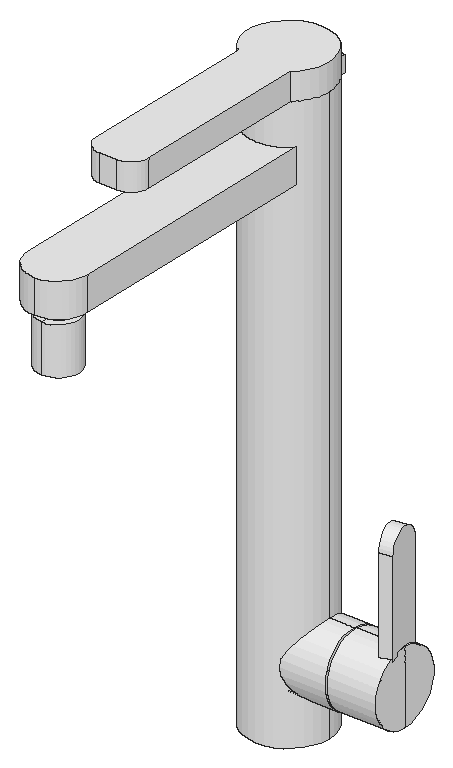
Revit family "Deca_Monocomando de Cozinha Filtros Cozinha_2240.C_Filtro Twin Mesa", category Plumbing Fixtures, host Face, Revit 2012
Parameters (values of type "2240.C_Cromado CR10")
  Vendido Separadamente = ""
  Variações de COR = "Cromado (2240.C)."  # constant formula
  URL = "www.deca.com.br/produtos"
  Segmento = "Médio"  # constant formula
  Raio Água Quente = 7.5 mm  # constant formula
  Raio Água Fria = 7.5 mm  # constant formula
  Produto = "Monocomando de Cozinha com filtro Twin - Mesa "  # constant formula
  Pressão = "2 A 40 mca"  # constant formula
  Peso Liquido (Kg) = 3.3
  Norma = "ABNT NBR 15267: 2005"  # constant formula
  Monocomando = Deca CR10 Cromado Metal
  Model = Código  # "2240.C"
  Material = "Deca_Latão Cromado e Plástico de Engenharia"  # constant formula
  Manufacturer = "Deca"  # constant formula
  Louça/Metais = "Metal"  # constant formula
  Linha = "Filtros Cozinha"  # constant formula
  Informações Complementares = "Mecanismo: 1/4 de volta"  # constant formula
  HWFU = 0
  Flow Pressure = 0.00 psi
  Diâmetro Água Quente = Raio Água Quente * 2  # 15 mm
  Diâmetro Água Fria = Raio Água Fria * 2  # 15 mm
  Description = "Monocomando com filtro cozinha mesa"  # constant formula
  Default Elevation = 0 mm
  Código = "2240.C"  # constant formula
  Created by = "Contino/quattroD"  # constant formula
  Consumo = "Varia com a pressão"  # constant formula
  CWFU = 0
  Atendimento ao Cliente = "0800-011-7073"  # constant formula
  Assembly Code = "D2020"
  Approved by = "Contino/quattroD"  # constant formula
  Acompanha do Producto = " Ligação Flexível: 40 cm"  # constant formula
Reference planes
  plane 1 "Center (Front/Back)": y = 0
  plane 2: z = 0
  plane 3 "Center (Left/Right)": x = 0
  plane 4 "Front 2": y = -175.5
  plane 5 "Left 1": x = -22.5
  plane 6 "Front 1": y = -125.73
  plane 7 "Back 1": y = 22.5
  plane 8 "Top 3": z = 247
  plane 9 "Top 4": z = 335.313
  plane 10 "Top 2": z = 120.188
  plane 11 "Right 2": x = 64
  plane 12 "Right 1": x = 22.5
  plane 13 "Back 2": y = 37.5
  plane 14 "Top 1": z = 18.188
Forms (mm)
  Extrusion 1, solid, material "Deca CR10 Cromado Metal" <- "Monocomando"
    sketch origin (0, 0, 0) x (1, 0, 0) y (0, 1, 0)
      loop
        circle (0, 0) r 22.5
    from 0 to 320.144
  Extrusion 2, solid, material "Deca CR10 Cromado Metal" <- "Monocomando"
    sketch origin (0, 0, 0) x (1, 0, 0) y (0, 1, 0)
      loop
        arc (14.571, -17.144) -> (0, 22.5) -> (-14.571, -17.144) r 22.5
        line (-14.571, -17.144) -> (-14.571, -114.5)
        arc (-14.571, -114.5) -> (-11.642, -121.571) -> (-4.571, -124.5) r 10
        line (-4.571, -124.5) -> (4.571, -124.5)
        arc (4.571, -124.5) -> (11.642, -121.571) -> (14.571, -114.5) r 10
        line (14.571, -114.5) -> (14.571, -17.144)
    from 320.144 to 335
  Extrusion 3, solid, material "Deca CR10 Cromado Metal" <- "Monocomando"
    sketch origin (0, 0, 0) x (1, 0, 0) y (0, 1, 0)
      loop
        line (-16.469, -15.331) -> (-16.469, -159)
        arc (-16.469, -159) -> (-11.647, -170.656) -> (0, -175.5) r 16.5
        arc (0, -175.5) -> (11.647, -170.656) -> (16.469, -159) r 16.5
        line (16.469, -159) -> (16.469, -15.331)
        arc (16.469, -15.331) -> (0, -22.5) -> (-16.469, -15.331) r 22.5
    from 278.79 to 297.497
  Revolve 4, solid, material "Deca CR10 Cromado Metal" <- "Monocomando"
    sketch origin (0, 0, 0) x (0, 1, 0) y (0, 0, 1)
      loop
        line (-147.388, 273.27) -> (-151.716, 273.27) -> (-153.35, 275.478) -> (-153.35, 278.79) -> (-159, 278.79) -> (-159, 247.132) -> (-147.388, 247.132) -> (-147.388, 273.27)
      axis (-159, 278.79) -> (-159, 247.132)
    angle from 0 to 360
  Revolve 5, solid, material "Deca CR10 Cromado Metal" <- "Monocomando"
    sketch origin (0, 0, 0) x (1, 0, 0) y (0, 0, 1)
      loop
        line (37.4, 59.958) -> (37.4, 56.251) -> (36.3, 56.251) -> (36.3, 59.958) -> (11.361, 59.958) -> (11.361, 39.958) -> (64, 39.958) -> (64, 59.958) -> (37.4, 59.958)
      axis (11.361, 39.958) -> (64, 39.958)
    angle from 0 to 360
  Extrusion 6, solid, material "Deca CR10 Cromado Metal" <- "Monocomando"
    sketch origin (-0.079, -11.009, -2.955) x (-0.190809, 0.981627, 0) y (0, 0, 1)
      loop
        line (10.023, 59.42) -> (10.023, 111.518)
        arc (10.023, 111.518) -> (0, 121.541) -> (-10.023, 111.518) r 10.023
        line (-10.023, 111.518) -> (-10.023, 59.561)
        arc (-10.023, 59.561) -> (0.017, 61.914) -> (10.023, 59.42) r 21.941
    from 56.852 to 64
  Extrusion 7, solid, material "Deca CR10 Cromado Metal" <- "Monocomando"
    sketch origin (0, 0, 0) x (1, 0, 0) y (0, 1, 0)
      loop
        line (-1.5, 37.046) -> (-1.5, 22.45) -> (1.5, 22.45) -> (1.5, 37.046) -> (-1.5, 37.046)
    from 306.146 to 315.054
  Extrusion 8, solid, not visible
    sketch origin (0, 0, 0) x (1, 0, 0) y (0, 1, 0)
      loop
        circle (-12.361, 0) r 7.5
    from 0 to 2.211
  Extrusion 9, solid, not visible
    sketch origin (0, 0, 0) x (-1, 0, 0) y (0, -1, 0)
      loop
        circle (-12.361, 0) r 7.5
    from 0 to 2.211
Lines and regions (mm)
  Masking region 1
    outline origin (0, 0.138, 0) x (1, 0, 0) y (0, 1, 0)
      loop
        line (64, -20.85) -> (64, 19.146) -> (37.297, 19.146) -> (37.297, 15.483) -> (36.293, 15.483) -> (36.293, 19.146) -> (11.818, 19.146)
        arc (11.818, 19.146) -> (10.596, 19.199) -> (9.429, 19.568) r 4.653
        arc (9.429, 19.568) -> (7.02, 20.52) -> (4.51, 21.166) r 20.899
        arc (4.51, 21.166) -> (4.154, 21.719) -> (3.531, 21.931) r 1.001
        line (3.531, 21.931) -> (2.636, 21.931)
        arc (2.636, 21.931) -> (1.883, 22.213) -> (1.5, 22.919) r 1.147
        line (1.5, 22.919) -> (1.5, 35.912)
        arc (1.5, 35.912) -> (1.207, 36.619) -> (0.5, 36.912) r 1
        line (0.5, 36.912) -> (-0.5, 36.912)
        arc (-0.5, 36.912) -> (-1.207, 36.619) -> (-1.5, 35.912) r 1
        line (-1.5, 35.912) -> (-1.5, 22.919)
        arc (-1.5, 22.919) -> (-1.883, 22.213) -> (-2.636, 21.931) r 1.147
        line (-2.636, 21.931) -> (-3.531, 21.931)
        arc (-3.531, 21.931) -> (-4.154, 21.719) -> (-4.51, 21.166) r 1.001
        arc (-4.51, 21.166) -> (-8.996, 19.765) -> (-13.055, 17.397) r 20.899
        arc (-13.055, 17.397) -> (-19.689, 9.736) -> (-22.5, 0) r 23.606
        arc (-22.5, 0) -> (-21.69, -6.775) -> (-18.5, -12.806) r 18.672
        arc (-18.5, -12.806) -> (-17.386, -14.638) -> (-16.497, -16.589) r 18.089
        line (-16.497, -16.589) -> (-16.497, -20.85) -> (-16.497, -159.138)
        arc (-16.497, -159.138) -> (-11.657, -170.755) -> (0, -175.499) r 16.362
        arc (0, -175.499) -> (11.657, -170.755) -> (16.497, -159.138) r 16.362
        line (16.497, -159.138) -> (16.497, -20.85) -> (36.293, -20.85) -> (36.293, -17.087) -> (37.297, -17.087) -> (37.297, -20.85) -> (64, -20.85)
  Masking region 2
    outline origin (0, -500.023, 0) x (0, 1, 0) y (0, 0, 1)
      loop
        line (522.588, 0) -> (522.588, 84.927) -> (520.531, 84.927) -> (520.531, 85.987) -> (522.588, 85.987) -> (522.588, 234.971) -> (520.867, 234.971) -> (520.867, 236.029) -> (522.588, 236.029) -> (522.588, 305.839) -> (536.412, 305.967)
        arc (536.412, 305.967) -> (537.129, 306.264) -> (537.426, 306.981) r 1.014
        line (537.426, 306.981) -> (537.426, 313.678)
        arc (537.426, 313.678) -> (537.176, 314.478) -> (536.412, 314.821) r 1.021
        line (536.412, 314.821) -> (522.588, 314.821) -> (522.588, 334.155)
        arc (522.588, 334.155) -> (522.251, 334.968) -> (521.439, 335.305) r 1.149
        line (521.439, 335.305) -> (376.027, 335.305)
        arc (376.027, 335.305) -> (375.279, 334.995) -> (374.97, 334.247) r 1.058
        line (374.97, 334.247) -> (374.97, 327.273) -> (383.213, 325.854) -> (382.603, 321.89) -> (391.91, 320.288) -> (392.663, 324.227) -> (401.032, 322.787) -> (477.457, 322.787) -> (477.457, 300.376)
        arc (477.457, 300.376) -> (476.599, 298.238) -> (474.501, 297.287) r 3.092
        line (474.501, 297.287) -> (325.822, 297.287)
        arc (325.822, 297.287) -> (325.167, 297.016) -> (324.896, 296.362) r 0.925
        line (324.896, 296.362) -> (324.896, 279.289)
        arc (324.896, 279.289) -> (325.252, 278.625) -> (325.957, 278.361) r 1.07
        line (325.957, 278.361) -> (335.794, 278.361) -> (335.794, 275.208) -> (334.206, 273.002) -> (330.908, 273.002)
        arc (330.908, 273.002) -> (330.182, 272.701) -> (329.881, 271.975) r 1.027
        line (329.881, 271.975) -> (329.881, 247.865)
        arc (329.881, 247.865) -> (330.191, 247.116) -> (330.939, 246.807) r 1.058
        line (330.939, 246.807) -> (351.986, 246.807)
        arc (351.986, 246.807) -> (352.734, 247.116) -> (353.044, 247.865) r 1.058
        line (353.044, 247.865) -> (353.044, 272.038)
        arc (353.044, 272.038) -> (352.682, 272.723) -> (351.958, 273.002) r 1.107
        line (351.958, 273.002) -> (348.72, 273.002) -> (347.132, 275.208) -> (347.132, 278.361) -> (474.501, 278.361)
        arc (474.501, 278.361) -> (476.591, 277.495) -> (477.457, 275.404) r 2.956
        line (477.457, 275.404) -> (477.457, 236.029) -> (479.045, 236.029) -> (479.045, 234.971) -> (477.457, 234.971) -> (477.457, 85.987) -> (479.358, 85.987) -> (479.358, 84.927) -> (477.457, 84.927) -> (477.457, 0) -> (522.588, 0)
  Masking region 3
    outline origin (-500.043, 0, -0.618) x (1, 0, 0) y (0, 0, 1)
      loop
        line (522.93, 0.618) -> (522.93, 13.758)
        arc (522.93, 13.758) -> (524.391, 17.283) -> (527.915, 18.743) r 4.985
        line (527.915, 18.743) -> (536.343, 18.743) -> (536.343, 22.479) -> (537.403, 22.479) -> (537.403, 18.743) -> (563.216, 18.743)
        arc (563.216, 18.743) -> (563.964, 19.053) -> (564.274, 19.801) r 1.058
        line (564.274, 19.801) -> (564.274, 119.56)
        arc (564.274, 119.56) -> (563.964, 120.309) -> (563.216, 120.618) r 1.058
        line (563.216, 120.618) -> (558.092, 120.618)
        arc (558.092, 120.618) -> (557.374, 120.303) -> (557.121, 119.56) r 0.974
        line (557.121, 119.56) -> (557.121, 62.031)
        arc (557.121, 62.031) -> (556.695, 61.002) -> (555.666, 60.576) r 1.456
        line (555.666, 60.576) -> (537.403, 60.576) -> (537.403, 56.869) -> (536.343, 56.869) -> (536.343, 60.576) -> (527.915, 60.576)
        arc (527.915, 60.576) -> (524.166, 61.922) -> (522.543, 65.56) r 5.077
        line (522.543, 65.56) -> (522.543, 85.61) -> (520.59, 85.61) -> (520.59, 86.605) -> (522.543, 86.605) -> (522.543, 235.558) -> (520.941, 235.558) -> (520.941, 236.616) -> (522.543, 236.616) -> (522.543, 335.23)
        arc (522.543, 335.23) -> (522.337, 335.725) -> (521.843, 335.93) r 0.7
        line (521.843, 335.93) -> (478.588, 335.93)
        arc (478.588, 335.93) -> (477.904, 335.647) -> (477.617, 334.964) r 0.966
        line (477.617, 334.964) -> (477.617, 236.616) -> (479.205, 236.616) -> (479.205, 235.558) -> (477.617, 235.558) -> (477.617, 86.605) -> (479.489, 86.605) -> (479.489, 85.584) -> (477.539, 85.584) -> (477.539, 0.618) -> (522.93, 0.618)
  symbolic lines
    curve 1: line (0, -116.809, 325.385) -> (0, -107.36, 323.759)
    curve 2: line (0, -20.977, 85.987) -> (0, -10.082, 85.987)
    curve 3: line (0, -20.977, 84.927) -> (0, -10.082, 84.927)
    curve 4: line (0, 20.977, 85.987) -> (0, 9.947, 85.987)
    curve 5: line (0, 20.977, 84.927) -> (0, 9.947, 84.927)
    curve 6: line (0, -20.977, 236.029) -> (0, 20.845, 236.029)
    curve 7: line (0, 20.845, 234.971) -> (0, -20.977, 234.971)
    curve 8: line (11.6, 0, 247.791) -> (-11.6, 0, 247.791)
    curve 9: arc (22.5, 0, 64.46) -> (17.353, 0, 57.434) -> (12.811, 0, 50.003) r 104.271
    curve 10: arc (12.811, 0, 50.003) -> (9.705, 0, 40.003) -> (12.811, 0, 30.004) r 17.651
    curve 11: arc (12.811, 0, 30.004) -> (17.484, 0, 22.423) -> (22.888, 0, 15.345) r 89.451
    curve 12: arc (29.95, 0, 18.188) -> (22.956, 0, 24.371) -> (16.372, 0, 30.989) r 145.889
    curve 13: arc (16.372, 0, 30.989) -> (11.987, 0, 40.026) -> (16.372, 0, 49.063) r 11.504
    curve 14: arc (16.372, 0, 49.063) -> (21.981, 0, 54.659) -> (27.873, 0, 59.958) r 152.75
    curve 15: arc (55.261, 0, 59.958) -> (55.865, 0, 57.867) -> (57.752, 0, 56.784) r 2.902
    curve 16: line (57.752, 0, 56.784) -> (63.119, 0, 56.784)
    curve 17: arc (63.119, 0, 56.784) -> (63.961, 0, 56.435) -> (64.31, 0, 55.593) r 1.191
    curve 18: line (-20.554, 0, 85.987) -> (20.548, 0, 85.987)
    curve 19: line (20.548, 0, 84.973) -> (-20.557, 0, 84.973)
    curve 20: line (36.339, 0, 56.251) -> (36.3, 0, 21.861)
    curve 21: line (37.361, 0, 21.861) -> (37.4, 0, 56.251)
    curve 22: line (37.299, 15.625, 0) -> (37.299, -16.949, 0)
    curve 23: line (36.29, -16.953, 0) -> (36.29, 15.619, 0)
    curve 24: arc (11.818, 19.284, 0) -> (22.599, 12.039, 0) -> (27.475, 0, 0) r 22.184
    curve 25: arc (27.475, 0, 0) -> (25.039, -10.735, 0) -> (16.806, -18.041, 0) r 17.99
    curve 26: arc (63.194, 9.997, 0) -> (63.764, 9.761, 0) -> (64, 9.191, 0) r 0.806
    curve 27: arc (63.194, 9.191, 0) -> (63.853, 9.043, 0) -> (64, 8.385, 0) r 0.63
    curve 28: line (63.194, 9.997, 0) -> (57.694, 9.997, 0)
    curve 29: line (57.694, 9.191, 0) -> (63.194, 9.191, 0)
    curve 30: arc (57.694, 9.997, 0) -> (55.926, 9.264, 0) -> (55.194, 7.497, 0) r 2.5
    curve 31: arc (57.694, 9.191, 0) -> (56.987, 8.898, 0) -> (56.694, 8.191, 0) r 1
    curve 32: arc (56.694, 8.191, 0) -> (55.979, 7.769, 0) -> (55.194, 7.497, 0) r 4.217
    curve 33: line (56.694, -9.597, 0) -> (56.694, 8.191, 0)
    curve 34: line (55.194, 7.497, 0) -> (55.194, -8.903, 0)
    curve 35: arc (63.194, -11.403, 0) -> (63.764, -11.167, 0) -> (64, -10.597, 0) r 0.806
    curve 36: arc (63.194, -10.597, 0) -> (63.853, -10.45, 0) -> (64, -9.791, 0) r 0.63
    curve 37: line (63.194, -11.403, 0) -> (57.694, -11.403, 0)
    curve 38: line (57.694, -10.597, 0) -> (63.194, -10.597, 0)
    curve 39: arc (57.694, -11.403, 0) -> (55.926, -10.671, 0) -> (55.194, -8.903, 0) r 2.5
    curve 40: arc (57.694, -10.597, 0) -> (56.987, -10.304, 0) -> (56.694, -9.597, 0) r 1
    curve 41: arc (56.694, -9.597, 0) -> (55.979, -9.176, 0) -> (55.194, -8.903, 0) r 4.217
    curve 42: arc (0, 20.798, 0) -> (-20.874, 4.365, 0) -> (-9.999, -19.873, 0) r 21.586
    curve 43: arc (0, 20.798, 0) -> (20.99, 4.467, 0) -> (10.124, -19.807, 0) r 21.542
    curve 44: arc (-16.845, -15.614, 0) -> (-14.12, -18.216, 0) -> (-10.999, -20.326, 0) r 22.498
    curve 45: arc (17.122, -15.297, 0) -> (14.395, -18.198, 0) -> (10.999, -20.275, 0) r 14.937
    curve 46: line (-13.784, -18.481, 0) -> (-15.5, -20.694, 0)
    curve 47: arc (-15.5, -20.694, 0) -> (-13.323, -22.206, 0) -> (-10.999, -23.482, 0) r 25.298
    curve 48: line (-10.999, -114.731, 0) -> (-10.999, -20.326, 0)
    curve 49: line (-9.999, -19.873, 0) -> (-9.999, -114.731, 0)
    curve 50: line (10.999, -20.275, 0) -> (10.999, -114.731, 0)
    curve 51: line (9.999, -114.731, 0) -> (9.999, -19.731, 0)
    curve 52: arc (10.999, -23.482, 0) -> (13.321, -22.207, 0) -> (15.497, -20.696, 0) r 25.298
    curve 53: line (13.782, -18.483, 0) -> (15.497, -20.696, 0)
    curve 54: line (15.499, -159.186, 0) -> (15.499, -20.696, 0)
    curve 55: arc (-9.999, -114.731, 0) -> (0, -124.73, 0) -> (9.999, -114.731, 0) r 9.999
    curve 56: arc (-10.999, -114.731, 0) -> (0, -125.73, 0) -> (10.999, -114.731, 0) r 10.999
    curve 57: line (15.499, -159.186, 0) -> (15.499, -20.696, 0)
    curve 58: line (-15.5, -20.694, 0) -> (-15.5, -159.186, 0)
    curve 59: arc (-15.5, -159.186, 0) -> (-10.96, -170.146, 0) -> (0, -174.686, 0) r 15.5
    curve 60: arc (0, -174.686, 0) -> (10.959, -170.146, 0) -> (15.498, -159.187, 0) r 15.498
    curve 61: arc (-9.999, -114.731, 0) -> (0, -124.73, 0) -> (9.999, -114.731, 0) r 9.999
    curve 62: arc (-10.999, -114.731, 0) -> (0, -125.73, 0) -> (10.999, -114.731, 0) r 10.999
    curve 63: line (10.999, -20.275, 0) -> (10.999, -114.731, 0)
    curve 64: line (9.999, -114.731, 0) -> (9.999, -19.731, 0)
    curve 65: line (-9.999, -19.873, 0) -> (-9.999, -114.731, 0)
    curve 66: line (-10.999, -114.731, 0) -> (-10.999, -20.326, 0)
    curve 67: line (-11.6, 0, 266.301) -> (-11.6, 0, 247.791)
    curve 68: line (11.6, 0, 247.791) -> (11.6, 0, 266.301)
    curve 69: line (11.6, 0, 247.791) -> (-11.6, 0, 247.791)
    curve 70: line (10.6, 0, 246.801) -> (-10.6, 0, 246.801)
    curve 71: line (22.5, 0, 266.301) -> (-22.425, 0, 266.301)
    curve 72: line (11.6, 0, 270.2) -> (-11.6, 0, 270.2)
    curve 73: line (11.014, 0, 272.9) -> (-11.014, 0, 272.9)
    curve 74: line (-5.65, 0, 275.1) -> (5.65, 0, 275.1)
    curve 75: arc (-5.65, 0, 275.1) -> (-6.556, 0, 274.069) -> (-7.275, 0, 272.9) r 8.151
    curve 76: arc (7.275, 0, 272.9) -> (6.556, 0, 274.069) -> (5.65, 0, 275.1) r 8.151
    curve 77: line (11.014, 0, 270.2) -> (11.014, 0, 272.9)
    curve 78: line (-11.014, 0, 272.9) -> (-11.014, 0, 270.2)
    curve 79: line (-11.6, 0, 270.2) -> (-11.6, 0, 247.791)
    curve 80: line (11.6, 0, 247.791) -> (11.6, 0, 270.2)
    curve 81: line (-13.782, 0, 300.276) -> (13.782, 0, 300.276)
    curve 82: line (-15.499, 0, 297.475) -> (15.499, 0, 297.475)
    curve 83: line (15.499, 0, 278.4) -> (-15.499, 0, 278.4)
    curve 84: line (17.162, 0, 296.476) -> (17.162, 0, 279.399)
    curve 85: line (16.499, 0, 279.4) -> (16.499, 0, 296.475)
    curve 86: line (-17.164, 0, 279.379) -> (-17.164, 0, 296.496)
    curve 87: line (-16.499, 0, 296.476) -> (-16.499, 0, 279.4)
    curve 88: line (-5.65, 0, 278.4) -> (-5.65, 0, 275.1)
    curve 89: line (5.65, 0, 275.1) -> (5.65, 0, 278.4)
    curve 90: line (13.782, 0, 275.601) -> (5.65, 0, 275.601)
    curve 91: line (-5.65, 0, 275.601) -> (-13.784, 0, 275.601)
    curve 92: arc (13.782, 0, 300.276) -> (16.325, 0, 299.135) -> (17.162, 0, 296.476) r 3.403
    curve 93: arc (16.499, 0, 296.475) -> (16.34, 0, 297.316) -> (15.499, 0, 297.475) r 0.759
    curve 94: arc (13.782, 0, 300.276) -> (13.856, 0, 298.395) -> (15.499, 0, 297.475) r 1.926
    curve 95: arc (-13.782, 0, 300.276) -> (-16.318, 0, 299.142) -> (-17.164, 0, 296.496) r 3.403
    curve 96: arc (-16.499, 0, 296.476) -> (-16.339, 0, 297.316) -> (-15.499, 0, 297.475) r 0.759
    curve 97: arc (-13.782, 0, 300.276) -> (-13.856, 0, 298.395) -> (-15.499, 0, 297.475) r 1.926
    curve 98: arc (13.782, 0, 275.599) -> (16.325, 0, 276.74) -> (17.162, 0, 279.399) r 3.403
    curve 99: arc (16.499, 0, 279.4) -> (16.34, 0, 278.559) -> (15.499, 0, 278.4) r 0.759
    curve 100: arc (13.782, 0, 275.599) -> (13.856, 0, 277.48) -> (15.499, 0, 278.4) r 1.926
    curve 101: arc (-13.782, 0, 275.599) -> (-16.318, 0, 276.733) -> (-17.164, 0, 279.379) r 3.403
    curve 102: arc (-16.499, 0, 279.4) -> (-16.339, 0, 278.559) -> (-15.499, 0, 278.4) r 0.759
    curve 103: arc (-13.782, 0, 275.599) -> (-13.856, 0, 277.48) -> (-15.499, 0, 278.4) r 1.926
    curve 104: line (10.999, 0, 334.3) -> (-10.999, 0, 334.3)
    curve 105: line (22.498, 0, 334.3) -> (10.999, 0, 334.3)
    curve 106: line (-10.999, 0, 334.3) -> (-22.498, 0, 334.3)
    curve 107: line (-10.999, 0, 334.3) -> (-10.999, 0, 320.8)
    curve 108: line (10.999, 0, 334.3) -> (10.999, 0, 320.8)
    curve 109: line (10.999, 0, 320.8) -> (4.85, 0, 320.8)
    curve 110: line (-4.791, 0, 320.8) -> (-10.999, 0, 320.8)
    curve 111: arc (10.999, 0, 325.366) -> (0, 0, 327.305) -> (-10.999, 0, 325.366) r 32.158
    curve 112: arc (-4.791, 0, 320.8) -> (0.029, 0, 321.893) -> (4.85, 0, 320.8) r 11.175
    curve 113: arc (4.85, 0, 320.8) -> (0.029, 0, 320.245) -> (-4.791, 0, 320.8) r 21.232
    curve 114: arc (4.75, 0, 325.008) -> (0, 0, 325.832) -> (-4.75, 0, 325.008) r 14.093
    curve 115: line (4.75, 0, 321.069) -> (4.75, 0, 325.008)
    curve 116: line (-4.75, 0, 325.008) -> (-4.75, 0, 320.812)
    curve 117: line (0, -125.052, 334.3) -> (0, 22.556, 334.3)
    curve 118: line (0, -19.626, 320.8) -> (0, -19.626, 334.3)
    curve 119: line (0, -22.565, 320.8) -> (0, -19.626, 320.8)
    curve 120: line (0, -107.329, 324.212) -> (0, -116.622, 325.812)
    curve 121: arc (0, -23.927, 322.787) -> (0, -21.377, 322.659) -> (0, -19.626, 320.8) r 3.42
    curve 122: line (0, 22.498, 319.801) -> (0, -22.498, 319.801)
    curve 123: arc (0, 22.5, 314.91) -> (0, 22.004, 310.363) -> (0, 22.565, 305.823) r 19.783
    curve 124: line (0, -17.781, 300.276) -> (0, -22.498, 300.276)
    curve 125: line (0, -14.545, 279.401) -> (0, -14.545, 296.476)
    curve 126: line (0, -17.781, 275.601) -> (0, -22.498, 275.601)
    curve 127: arc (0, -17.781, 300.276) -> (0, -15.464, 298.971) -> (0, -14.545, 296.476) r 3.849
    curve 128: arc (0, -17.781, 275.601) -> (0, -15.464, 276.906) -> (0, -14.545, 279.401) r 3.849
    curve 129: line (0, -22.565, 266.476) -> (0, 22.565, 266.476)
    curve 130: line (0, -152.836, 275.086) -> (0, -164.265, 275.086)
    curve 131: line (0, -165.817, 273.002) -> (0, -151.303, 273.002)
    curve 132: line (0, -170.141, 270.2) -> (0, -146.987, 270.2)
    curve 133: line (0, -146.987, 266.751) -> (0, -170.141, 266.751)
    curve 134: line (0, -164.229, 278.361) -> (0, -152.891, 278.361)
    curve 135: line (17.122, -15.297, 0) -> (16.497, -20.712, 0)
    curve 136: arc (17.122, -15.297, 0) -> (22.357, 3.203, 0) -> (11.818, 19.284, 0) r 23.164
    curve 137: line (22.5, 0, 319.472) -> (-22.425, 0, 319.472)
    curve 138: arc (0, -9.999, 61.313) -> (0, -20.453, 39.75) -> (0, -9.999, 18.188) r 27.465
    curve 139: arc (0, 9.999, 61.199) -> (0, 21.008, 39.693) -> (0, 9.999, 18.188) r 26.51
    curve 140: arc (0, 9.999, 18.188) -> (0, 0, 14.96) -> (0, -9.999, 18.188) r 17.1
    curve 141: arc (0, 9.999, 58.136) -> (0, 19.295, 35.307) -> (0, -0.17, 20.184) r 20.405
    curve 142: arc (0, -0.17, 20.184) -> (0, -18.925, 35.57) -> (0, -9.999, 58.126) r 20.58
    curve 143: line (0, -9.999, 58.126) -> (0, -9.999, 109.963)
    curve 144: line (0, 9.999, 109.963) -> (0, 9.999, 58.136)
    curve 145: arc (0, -9.999, 109.963) -> (0, 0, 119.962) -> (0, 9.999, 109.963) r 9.999
    curve 146: line (-20.837, 0, 235.998) -> (20.899, 0, 235.998)
    curve 147: line (-20.837, 0, 234.94) -> (20.899, 0, 234.94)
Dimensions and locks
  plane 8 "Top 3" to level = 247 mm
  plane 9 "Top 4" to level = 335.313 mm  (x2)
  plane 6 "Front 1" to plane 7 "Back 1" = 148.23 mm  (x2)
  plane 4 "Front 2" to plane 1 "Center (Front/Back)" = 175.5 mm
  plane 11 "Right 2" to plane 5 "Left 1" = 86.5 mm
  plane 10 "Top 2" to plane 14 "Top 1" = 102 mm
  plane 5 "Left 1" to plane 12 "Right 1" = 45 mm
  plane 4 "Front 2" to plane 13 "Back 2" = 213 mm
  plane 5 "Left 1" to plane 11 "Right 2" = 86.5 mm
  aligned and locked: host face to plane 2
  aligned and locked: level to host face
Connectors
  piping at (-12.361, 0, 0), driven by "Raio Água Quente", driven by "Flow Pressure", driven by "HWFU"
    settings: on Extrusion 8, index 1, connector radius 0.29528", flow factor 0, pipe flow 0 GPM, pressure drop 0.00 psi, fitting loss kfactor 0, connector angle 0.00°, fixture units 0, engagement length 0 mm, flow configuration 3, flow direction 1, fitting loss method 4, system type 19, joint type 0, gender type 0, connector reference index -1, connector utility 0, adjustable connector no, is connector primary yes, fitting loss table "", connector description ""
  piping at (12.361, 0, 0), driven by "Raio Água Fria", driven by "Flow Pressure", driven by "CWFU"
    settings: on Extrusion 9, index 2, connector radius 0.29528", flow factor 0, pipe flow 0 GPM, pressure drop 0.00 psi, fitting loss kfactor 0, connector angle 0.00°, fixture units 0, engagement length 0 mm, flow configuration 3, flow direction 1, fitting loss method 4, system type 20, joint type 0, gender type 0, connector reference index -1, connector utility 0, adjustable connector no, is connector primary no, fitting loss table "", connector description ""
